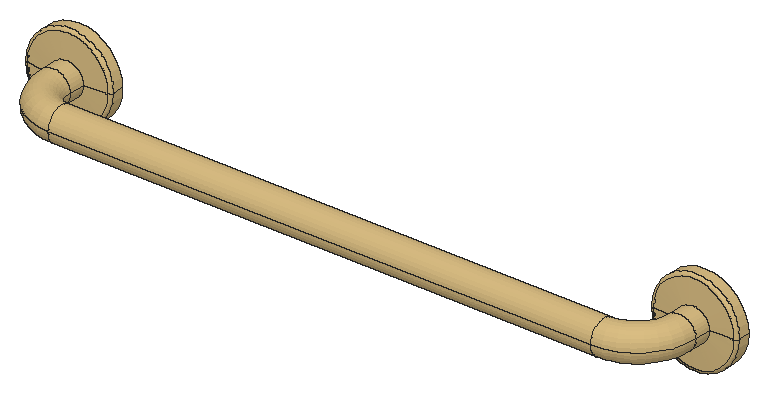
Revit family "RBA4805-Straight-Series", category Plumbing Fixtures, Revit 2021
Family settings
  Round Connector Dimension = Use Diameter
  Part Type = Normal
  Work Plane-Based = No
  Always vertical = Yes
  Cut with Voids When Loaded = No
  Shared = No
  Room Calculation Point = No
Parameters (values of type "RBA4805-060")
  Watermarked By = "www.rba.com.au"
  URL = "www.rba.com.au"
  Phone Number = ""
  OFFSET [instance] = 800 mm
  Modified Issue = ""
  Model = "RBA4805-Straight-Series"
  Materials & Finishes = PVD Brushed Brass Stainless Steel
  Manufacturer = "RBA Group"  # constant formula
  Lgth = 600 mm
  Diameter = 32 mm
  Description = "RTA Brushed Brass Straight Grabrail"
  Default Elevation = 0 mm
  Copyright by = "RBA Group"  # constant formula
Types (9, lengths in mm): name | URL | Phone Number | Modified Issue | Model | Lgth | Description
  RBA4805-030 | "www.rba.com.au" | "" | "20190510.1" | "RBA4000-030" | 300 | "Straight Grab Rail 300mm"
  RBA4805-045 | "www.rba.com.au" | "" | "20191004.01" | "RBA4000-045" | 450 | "Straight Grab Rail 450mm"
  RBA4805-060 | "www.rba.com.au" | "" | "" | "RBA4805-Straight-Series" | 600 | "RTA Brushed Brass Straight Grabrail"
  RBA4805-070 | "www.rba.com.au" | "" | "20191004.01" | "RBA4000-075" | 700 | "Straight Grab Rail 750mm"
  RBA4805-090 | "www.rba.com.au" | "" | "20191004.01" | "RBA4000-090" | 900 | "Straight Grab Rail 900mm"
  RBA4805-080 | "http://www.rba.com.au/accessible-disabled/grab-rails" | "1300 788 778" | "20191004.01" | "RBA4000-080" | 800 | "Straight Grab Rail 800mm"
  RBA4805-100 | "http://www.rba.com.au/accessible-disabled/grab-rails" | "1300 788 778" | "20191004.01" | "RBA4000-100" | 1000 | "Straight Grab Rail 1000mm"
  RBA4805-120 | "http://www.rba.com.au/accessible-disabled/grab-rails" | "1300 788 778" | "20191004.01" | "RBA4000-120" | 1200 | "Straight Grab Rail 1200mm"
  RBA4805-040 | "www.rba.com.au" | "" | "20191108.1" | "RBA4000-040" | 400 | "Straight Grab Rail 400mm"
Reference planes
  plane 1 "Center (Front/Back)": y = 0
  plane 2: z = 0
  plane 3 "Center (Left/Right)": x = 0
  plane 4: x = 0
  plane 5: x = 0
  plane 6: y = -57
  plane 7: y = -89
  plane 8: x = 600
  plane 9: z = 16
  plane 10: z = -16
Forms (mm)
  Sweep 1, solid, material "PVD Brushed Brass Stainless Steel" <- "Materials & Finishes"
    path origin (-273.954, -750, 0) x (0, -1, 0) y (1, 0, 0)
      loop
        line (-740, 873.954) -> (-719, 873.954)
        arc (-719, 873.954) -> (-690.716, 862.239) -> (-679, 833.954) r 40
        line (-679, 833.954) -> (-679, 313.954)
        arc (-679, 313.954) -> (-690.716, 285.67) -> (-719, 273.954) r 40
        line (-719, 273.954) -> (-740, 273.954)
    profile origin (300, -71, 0) x (0, -1, 0) y (0, 0, 1)
      loop
        circle (0, 0) r 16
  Extrusion 2, solid, material "PVD Brushed Brass Stainless Steel" <- "Materials & Finishes"
    sketch origin (62.5, -2.628, -315.907) x (0, 0, 1) y (1, 0, 0)
      loop
        circle (315.907, -62.5) r 40
    from -0.206 to 2.628
  Revolve 3, solid, material "PVD Brushed Brass Stainless Steel" <- "Materials & Finishes"
    sketch origin (62.5, 18.663, 0) x (-1, 0, 0) y (0, -1, 0)
      loop
        line (62.5, 18.663) -> (104, 18.663) -> (104, 28.968)
        arc (104, 28.968) -> (103.207, 31.014) -> (101.243, 31.992) r 3.037
        arc (101.243, 31.992) -> (81.892, 33.334) -> (62.5, 33.781) r 420.249
        line (62.5, 33.781) -> (62.5, 18.663)
      axis (62.5, 18.663) -> (62.5, 33.781)
    angle from 0 to 360
  Extrusion 4, void
    sketch origin (62.704, 34.941, -270.785) x (-0.515038, 0, 0.857167) y (0.857167, 0, 0.515038)
      loop
        circle (248.952, 111.432) r 4.75
      loop
        circle (279.854, 60.002) r 4.75
    from -37.775 to -34.941
  Extrusion 5, solid, material "PVD Brushed Brass Stainless Steel" <- "Materials & Finishes"
    sketch origin (237.5, -2.628, -315.907) x (0, 0, 1) y (1, 0, 0)
      loop
        circle (315.907, 362.5) r 40
    from -0.206 to 2.628
  Revolve 6, solid, material "PVD Brushed Brass Stainless Steel" <- "Materials & Finishes"
    sketch origin (237.5, 18.663, 0) x (-1, 0, 0) y (0, -1, 0)
      loop
        line (-362.5, 18.663) -> (-362.5, 33.781)
        arc (-362.5, 33.781) -> (-381.892, 33.334) -> (-401.243, 31.992) r 420.249
        arc (-401.243, 31.992) -> (-403.207, 31.014) -> (-404, 28.968) r 3.037
        line (-404, 28.968) -> (-404, 18.663) -> (-362.5, 18.663)
      axis (-362.5, 18.663) -> (-362.5, 33.781)
    angle from 0 to 360
  Extrusion 7, void
    sketch origin (362.704, 34.941, -270.785) x (-0.515038, 0, 0.857167) y (0.857167, 0, 0.515038)
      loop
        circle (125.343, 317.152) r 4.75
      loop
        circle (94.441, 368.582) r 4.75
    from -37.775 to -34.941
Cuts and joins
  Extrusion 7 cuts Sweep 1
  Extrusion 4, Extrusion 7 cuts Extrusion 2
  Extrusion 4, Extrusion 7 cuts Revolve 3
  Extrusion 7 cuts Extrusion 5
  Extrusion 7 cuts Revolve 6
  joined: Sweep 1, Extrusion 2, Revolve 3, Extrusion 5, Revolve 6
Dimensions and locks
  "Lgth": plane 3 "Center (Left/Right)" to plane 8
  radius of Sweep 1 sketch curve = 16 mm
  aligned and locked: level to plane 2
  aligned and locked: Revolve 3 to Extrusion 2
  aligned and locked: Extrusion 2 to Extrusion 4
  aligned and locked: Revolve 6 to Extrusion 5
Automatic sketch dimensions
  Sweep 1 sketch curve to plane 8 = 0 mm
  Sweep 1 sketch curve to plane 3 "Center (Left/Right)" = 0 mm
  plane 6 to Sweep 1 sketch curve = 26 mm  (x2)
  Sweep 1 sketch curve to plane 6 = 14 mm
  plane 1 "Center (Front/Back)" to Sweep 1 sketch curve = 10 mm  (x2)
  Sweep 1 sketch curve to profile plane = 0 mm  (x2)
  Extrusion 2 sketch curve to level = 0 mm
  Extrusion 2 sketch curve to plane 3 "Center (Left/Right)" = 0 mm
  plane 1 "Center (Front/Back)" to Revolve 3 sketch curve = 0 mm
  Revolve 3 sketch curve to plane 3 "Center (Left/Right)" = 0 mm  (x2)
  plane 1 "Center (Front/Back)" to Revolve 3 sketch curve = 10.305 mm
  Revolve 3 sketch curve to plane 3 "Center (Left/Right)" = 38.463 mm
  Revolve 3 sketch curve to Revolve 3 sketch curve = 3.037 mm
  Revolve 3 sketch curve to plane 1 "Center (Front/Back)" = 405.131 mm
  Revolve 3 sketch curve to Revolve 3 sketch curve = 15.118 mm
  Revolve 3 sketch curve to plane 1 "Center (Front/Back)" = 21.537 mm
  Revolve 3 sketch curve to Revolve 3 sketch curve = 0 mm
  plane 6 to Revolve 3 sketch curve = 13.537 mm
  Extrusion 5 sketch curve to level = 0 mm
  plane 8 to Extrusion 5 sketch curve = 0 mm
  plane 1 "Center (Front/Back)" to Revolve 6 sketch curve = 0 mm
  Revolve 6 sketch curve to plane 8 = 0 mm  (x2)
  plane 1 "Center (Front/Back)" to Revolve 6 sketch curve = 10.305 mm
  Revolve 6 sketch curve to plane 8 = 38.463 mm
  Revolve 6 sketch curve to Revolve 6 sketch curve = 3.037 mm
  Revolve 6 sketch curve to plane 1 "Center (Front/Back)" = 405.131 mm
  Revolve 6 sketch curve to Revolve 6 sketch curve = 15.118 mm
  Revolve 6 sketch curve to plane 1 "Center (Front/Back)" = 21.537 mm
  Revolve 6 sketch curve to Revolve 6 sketch curve = 0 mm
  plane 6 to Revolve 6 sketch curve = 13.537 mm
  Extrusion 7 sketch curve to level = 0 mm  (x2)
  Extrusion 7 sketch curve to plane 8 = 30 mm
  Extrusion 7 sketch curve to Extrusion 7 sketch curve = 30.902 mm
  Extrusion 4 sketch curve to level = 0 mm  (x2)
  plane 3 "Center (Left/Right)" to Extrusion 4 sketch curve = 30 mm
  Extrusion 4 sketch curve to Extrusion 4 sketch curve = 30.902 mm
  radius of Extrusion 2 sketch curve = 40 mm
  radius of Extrusion 5 sketch curve = 40 mm
  radius of Extrusion 7 sketch curve = 4.75 mm  (x2)
  radius of Extrusion 4 sketch curve = 4.75 mm  (x2)
